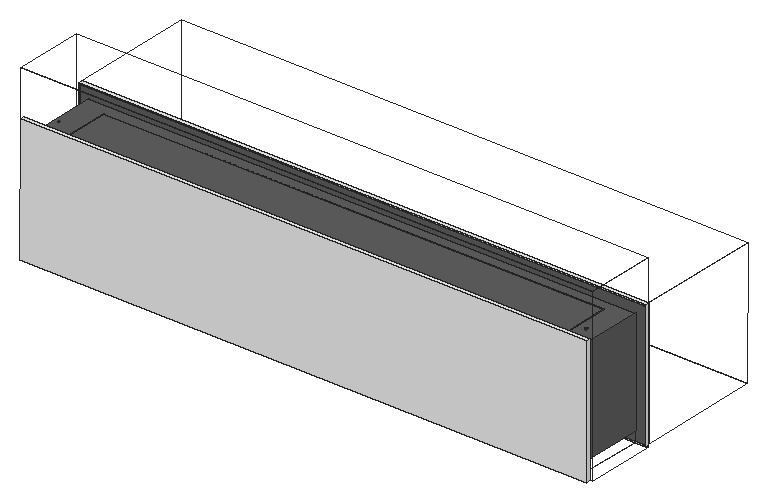
Revit family "AIRTECNICS_AIR CURTAIN_ZEN_DX-VRF_(MITSUBISHI ELECTRIC)123", category Mechanical Equipment, Revit 2016
Family settings
  Part Type = Normal
  Round Connector Dimension = Use Diameter
  OmniClass Number = 23.75.70.21.17
  OmniClass Title = Air Curtains
  Work Plane-Based = No
  Always vertical = Yes
  Cut with Voids When Loaded = No
  Shared = No
  Room Calculation Point = No
Parameters (values of type "ZEN ECG 2000 DX/VRF-ME")
  · POSITION · [instance] = "-/ Select Curtain Position /-"  # constant formula
  · PIPES POSITION · [instance] = "-/ Select Pipes Position /-"  # constant formula
  · OTHERS · [instance] = "-/ Select Supports - Inst.Maint. Space /-"  # constant formula
  · HEATING · [instance] = "-/ Select Heating /-"  # constant formula
  · EXTERNAL UNIT · [instance] = "-/ Select External Unit Type /-"  # constant formula
  · COIL ROWS · [instance] = "-/ Select DX Coil Rows /-"  # constant formula
  Weight [instance] = size_lookup(Name_Lookup_Data, "Weight", 1.00 kg, COD)  # 78.00 kg
  Voltage = 230 V  # constant formula
  URL_Manufacturer = "https://www.airtecnics.com/"
  URL_Datasheet = "https://www.airtecnics.com/download/file/5896/zen-dx-mitsubishi-electric-1-1-and-vrf.pdf"
  Triple Phase (External Ut.) [instance] = yes
  Supports Length [instance] = 0.0 mm
  Supports (Horizontal) [instance] = if(and(Horizontal, Supports Length > 0.0 mm), 1 = 1, 1 = 0)  # no
  Single Phase (External Ut.) [instance] = not([Triple Phase (External Ut.)])  # no
  Revit Version = "Revit 2016 - English"  # constant formula
  Review Date = "10/2018"  # constant formula
  Remote Control = "-"  # constant formula
  URL = "https://www.airtecnics.com/products/heat-pump-air-curtain-zen-dx-for-mitsubishi-electric"
  Refrigerant Pipes_P4 [instance] = no
  Refrigerant Pipes_P3 [instance] = no
  Refrigerant Pipes_P2 [instance] = if(or(Refrigerant Pipes_P1, Refrigerant Pipes_P3, Refrigerant Pipes_P4), 1 = 0, 1 = 1)  # yes
  Refrigerant Pipes_P1 [instance] = no
  REF [instance] = if(DX 1:1, 1, 0) + if(L = 1000.0 mm, 10, 0) + if(L = 1500.0 mm, 20, 0) + if(L = 2000.0 mm, 40, 0) + if(L = 2500.0 mm, 80, 0) + if([DX Coil Rows = 3], 100, 0) + if([Triple Phase (External Ut.)], 1000, 0)  # 1041
  Product Size = if(L = 1000.0 mm, "1000", if(L = 1500.0 mm, "1500", if(L = 2000.0 mm, "2000", "2500")))  # "2000"
  Product Reference [instance] = size_lookup(Name_Lookup_Ref, "", "Consult Manufacturer", COD)  # "ZEN ECG 2000 DX22-ME"
  Product Heating [instance] = if(DX 1:1, "Direct Expansion 1:1 system", "Direct Expansion VRF system")  # "Direct Expansion 1:1 system"
  Product Description [instance] = size_lookup(Name_Lookup_Data, "", "Consult Manufacturer", COD)  # "Decorative energy saving heat pump air curtain in contemporary architectural style: Up to 70% reduction in costs and CO2 emissions (heating mode).\r\nIts minimalist and smart design integrates in any environment and offers infinite options to customize.\r\nThe panels can include logos, lighting, signage, safety or information signs, graphics, pictures, clocks, all according to customer specifications.\r\nFront anodized aluminium panels. Optionally manufactured in brushed or mirror polished stainless steel. Other materials are possible, such as galvanized steel, smooth or texturated skinplate, wood, etc.\r\nCentral structure made of galvanized steel finished in black forge as standard. Other colours are available on request. \r\nAnodized aluminium outlet vanes, airfoil shaped, adjustable in both directions.\r\nDouble-inlet centrifugal fans driven by an external rotor motor and low noise level. 5-speed selector. EC models assembled with very low consumption efficiency fans. \r\nIncludes only heating direct expansion coil with installed temperature sensors.\r\nPlug&Play control panel CS-5DX-NE slave DX with 5 speeds selector and 7m telephone cable included.\r\nReady to connect to MITSUBISHI ELECTRIC Standard and Power Inverter outdoor heat pump unit (R410A) with expansion valve, not included, the customer should purchase it.\r\nRequires PAC-IF012B-E MITSUBISHI ELECTRIC DX Interface KIT adapted for air curtain and PAR-33MAA programmable control, please consult.\r\nAir Volume: 4380 m3/h \r\nFans:  0,426 kW  3,72 A 230Vx1 50/60Hz\r\nHeating capacity: 22,40 kW\r\nDimensions: 291x473x2120 mm (depth, height, length)\r\nNOT SUPPLIED BY AIRTÈCNICS:\r\nPAC-IF012B-E Interface DX kit and PAR-33MAA programmable control.\r\nExternal unit:\r\n PUHZ-ZRP200YKAExternal unit with direct expansion valve Mitsubishi Electric, triple phase motor 400Vx3 50Hz.\r\nHeating capacity 22,4kW. Heating power: 6,94kW. COP 3,23.\r\nCooling capacity 19kW. Cooling power 6,46kW. EER 2,94.\r\nCooling circuits 1\" - 3/8\".\r\nMaximum length 100m.\r\nDesnivell màxim 30m."
  Power Fans Factor [instance] = 0.5  # constant formula
  Power Fans [instance] = size_lookup(Name_Lookup_Data, "Power Fans", 1 kW, COD)  # 0.426 kW
  Noise Level (dB(A)) [instance] = size_lookup(Name_Lookup_Data, "Noise Level (dB(A))", 1, COD)  # 63
  Name_Lookup_Ref_EU = "ZEN_(DX ME)_Ref-EU_Lookup"  # constant formula
  Name_Lookup_Ref = "ZEN_(DX ME)_Ref_Lookup"  # constant formula
  Name_Lookup_Data = "ZEN_(DX ME)_Data_Lookup"  # constant formula
  Model = "Air Curtain ZEN DX/VRF ME"  # constant formula
  Material Panels [instance] = AIRTECNICS_Alumium Anodized
  Material Grille = AIRTECNICS_Perforated_Black Forge
  Material Curtain [instance] = AIRTECNICS_Black Forge
  Mainfolds [instance] = if(and(L = 2000.0 mm, Gas Coil Volume = 3.10 L), "1'' & 3/8''", if(and(L = 2000.0 mm, Gas Coil Volume = 4.10 L), "1'' & 3/8''", if(L = 2000.0 mm, "1'' & 1/2''", if(L = 2500.0 mm, "1'' & 1/2''", "5/8'' & 3/8''"))))  # "1'' & 3/8''"
  Length = if(L = 1000.0 mm, 1220.0 mm, if(L = 1500.0 mm, 1620.0 mm, if(L = 2000.0 mm, 2120.0 mm, 2620.0 mm)))  # 2120.0 mm
  Height = 473.0 mm  # constant formula
  Gas Coil Volume [instance] = size_lookup(Name_Lookup_Data, "Gas Coil Volume", 1000.00 L, COD)  # 4.10 L
  G = 1 = 1  # yes
  Frequency = 50 Hz  # constant formula
  Fans Stage = 5  # constant formula
  Family Version = "1.0"  # constant formula
  External Ut. Reference [instance] = size_lookup(Name_Lookup_Ref_EU, "", "Consult Manufacturer", REF)  # "PUHZ-ZRP200YKA"
  Expansion Valve [instance] = if(DX VRF, "Included on External Unit", "Included on DX Kit")  # "Included on DX Kit"
  EC = 1 = 1  # yes
  Dn_Metric_Refrig_Liquid [instance] = if(and(L = 2000 mm, Gas Coil Volume = 3.10 L), 10 mm, if(and(L = 2000 mm, Gas Coil Volume = 4.10 L), 10 mm, if(L = 2000 mm, 15 mm, if(L = 2500 mm, 15 mm, 10 mm))))  # 10 mm
  Dn_Metric_Refrig_Gas [instance] = if(or(L = 2500 mm, L = 2000 mm), 25 mm, 16 mm)  # 25 mm
  Depth = 291.0 mm  # constant formula
  DX VRF [instance] = no
  DX Kit [instance] = if(and(DX VRF, or(L = 2000.0 mm, L = 2500.0 mm)), "PAC-AH250M-J", if(DX VRF, "PAC-AH125M-J", "PAC-IF012B-E"))  # "PAC-IF012B-E"
  DX Controller [instance] = "PAR-33MAA"  # constant formula
  DX Coil Rows = 4 [instance] = yes
  DX Coil Rows = 3 [instance] = if([DX Coil Rows = 4], 1 = 0, 1 = 1)  # no
  DX 1:1 [instance] = not(DX VRF)  # yes
  Current Fans [instance] = size_lookup(Name_Lookup_Data, "Current Fans", 1 A, COD)  # 3.72 A
  Created by = "BIMETRICAL"  # constant formula
  Control [instance] = "CS-5DX-NE"  # constant formula
  Capacity_Frig_Liquid [instance] = 0.0 L/s
  Capacity_Frig_Gas [instance] = 0.0 L/s
  Cable = "CB7"  # constant formula
  COD [instance] = if(DX 1:1, 1, 0) + if(L = 1000.0 mm, 10, 0) + if(L = 1500.0 mm, 20, 0) + if(L = 2000.0 mm, 40, 0) + if(L = 2500.0 mm, 80, 0) + if([DX Coil Rows = 3], 100, 0)  # 41
  Aspiration/Maintenance Space [instance] = yes
  Apparent Load [instance] = size_lookup(Name_Lookup_Data, "Apparent Load", 1 VA, COD)  # 568 VA
  Airflow [instance] = size_lookup(Name_Lookup_Data, "Airflow", 1 m³/h, COD)  # 4380 m³/h
  A [instance] = if(Horizontal, 236.5 mm, 0.0 mm)  # 236.5 mm
  L = 2000.0 mm
  Type Image = <None>
  IfcExportType = "DXCOOLINGCOIL"  # constant formula
  IfcExportAs = "IfcCoilType"  # constant formula
  Horizontal [instance] = 1 = 1  # yes
  Manufacturer = "AIRTECNICS"  # constant formula
  Description = ""
  Type Comments = "Decorative air curtain in contemporary architectural style. Its minimalist and smart design integrates in any environment and offers infinite options to customize.\r\nThe panels can include logos, lighting, signage, safety or information signs, graphics, pictures, clocks, all according to customer specifications.\r\nFront anodized aluminium panels. Optionally manufactured in brushed or mirror polished stainless steel. Other materials are possible, such as galvanized steel, smooth or texturated skinplate, wood, etc.\r\nCentral structure made of galvanized steel finished in black forge as standard. Other colours are available on request.\r\nAnodized aluminium outlet vanes, airfoil shaped, adjustable in both directions.\r\nDouble-inlet centrifugal fans driven by an external rotor motor and low noise level. 5-speed selector. EC models assembled with very low consumption efficiency fans.\r\n“P” type with water heated coil. “E” type with electrical shielded elements, three stages with integrated regulation. “A” type without heating, air only. Optional expansion DX coil.\r\nIncludes Plug&Play control with 7m RJ45 cable and infrared remote control. Optional: Clever control (programmable, automatic, intelligent, energy saving, Modbus RTU for BMS…)"  # constant formula
  BIMETRICAL Category = "Coil"  # constant formula
  BIMETRICAL = "http://www.bimetrical.com"  # constant formula
  Angle [instance] = if(Horizontal, 0.00°, 90.00°)  # 0.00°
Reference planes
  plane 1 "Centro (Frontal/Posterior)": z = 0
  plane 2: y = 246.57
  plane 3 "Centro (Izquierda/Derecha)": x = 0
  plane 4 "Susp": z = 236.5
Lines and regions (mm)
  reference lines
    curve 1: line (0, 246.57, 236.5) -> (-145, 246.57, 236.5)
Dimensions and locks
  locked: plane 2 to nested 1 at 145.5
  "A": plane 4 "Susp" to plane 1 "Centro (Frontal/Posterior)"
  "Angle": angle plane 4 "Susp" to curve 1
  aligned and locked: plane 3 "Centro (Izquierda/Derecha)" to curve 1
  aligned and locked: plane 4 "Susp" to curve 1
Nested families
  nested 1: "GEOM_ZEN_(DX)" at (0, 246.57, 236.5) x (0, 0, -1) z (1, 0, 0), type "GEOM_ZEN_(P)"
    with M 2066.5 mm, J 1014.0 mm, G 1022.0 mm, Dn_Metric_Refrig_Liquid 10 mm, Dn_Metric_Refrig_Gas 25 mm, COD 424, L 2000.0 mm, I 2044.0 mm, F 1990.0 mm, E 2120.0 mm, A 2015.0 mm
Connectors
  electrical at (-1007.5, 215.07, 433), driven by "Apparent Load", driven by "Voltage", driven by "Power Fans Factor", driven by "Apparent Load"
    settings: on nested 1, index 3, voltage 230 V, apparent load 568 VA, apparent load phase1 568 VA, apparent load phase2 0 VA, apparent load phase3 0 VA, power factor 0.5, load classification "HVAC", number of poles 1, system type 30, power factor state 1, is connector primary yes, connector utility no, sub classification motor no, connector description ""
  piping at (967, 155.07, 433), diameter 25, driven by "Dn_Metric_Refrig_Gas", driven by "Capacity_Frig_Gas"
    settings: on nested 1, index 4, connector inside diameter 609.6 mm, connector length 0.0 mm, flow factor 0, pipe flow 0.0 L/s, pressure drop 0.0 Pa, fitting loss kfactor 0, connector angle 0.00°, fixture units 0, engagement length 0.0 mm, angle of deflection 0.00°, flow configuration 1, flow direction 1, fitting loss method 0, system type 7, joint type 0, gender type 0, connector reference index -1, connector utility 0, adjustable connector no, is connector primary yes, connector description "In"
  piping at (967, 215.07, 433), diameter 10, driven by "Dn_Metric_Refrig_Liquid", driven by "Capacity_Frig_Liquid"
    settings: on nested 1, index 5, connector inside diameter 609.6 mm, connector length 0.0 mm, flow factor 0, pipe flow 0.0 L/s, pressure drop 0.0 Pa, fitting loss kfactor 0, connector angle 0.00°, fixture units 0, engagement length 0.0 mm, angle of deflection 0.00°, flow configuration 1, flow direction 2, fitting loss method 0, system type 8, joint type 0, gender type 0, connector reference index -1, connector utility 0, adjustable connector no, is connector primary no, connector description "Out"
Definition of nested family "GEOM_ZEN_(DX)"
  Parameters (values of type "GEOM_ZEN_(DX)")
    des.D = if(or(and(Vertical Right, V1), Horizontal), 361.0 mm, 0.0 mm)  # 361.0 mm
    des.C = if(or(and(Vertical Right, V1), Horizontal), 0.0 mm, 392.0 mm)  # 0.0 mm
    des.B = if(or(and(Vertical Right, V1), Horizontal), 0.0 mm, 298.3 mm)  # 0.0 mm
    Z = if(Horizontal, 0.0 mm, if(L = 1000.0 mm, E / 2 + 18.0 mm, E / 2 + 20.0 mm))  # 830.0 mm
    Vsup1 = if(and(Vsup, Horizontal, L_Sup > 0.0 mm), 1 = 1, 1 = 0)  # no
    Vsup = no
    Vs2 = if(L > 2000.0 mm, 1 = 1, 1 = 0)  # no
    Vs1 = if(L > 1000.0 mm, 1 = 1, 1 = 0)  # yes
    Vinst2 = if(or(Vinst1, not([Aspiration/Maintenance Space])), 1 = 0, 1 = 1)  # yes
    Vinst1 = if(and([Aspiration/Maintenance Space], V2), 1 = 1, 1 = 0)  # no
    Vertical Right = yes
    Vertical Left = if(Vertical Right, 1 = 0, 1 = 1)  # no
    Vertical = if(and(not(Horizontal), or(Vertical Right, Vertical Left)), 1 = 1, 1 = 0)  # yes
    V2 = if(Horizontal, 1 = 0, if(or(Horizontal, Vertical Left), 1 = 1, 1 = 0))  # no
    V1 = if(Horizontal, 1 = 1, if(and(Vertical Right, Vertical), 1 = 1, 1 = 0))  # yes
    Revit Version = "Revit 2016 - English"  # constant formula
    Review Date = "10/18"  # constant formula
    Refrigerant Pipes_P4 = no
    Refrigerant Pipes_P3 = no
    Refrigerant Pipes_P2 = yes
    Refrigerant Pipes_P1 = no
    O = if(L = 1000.0 mm, 54.5 mm, 52.5 mm)  # 52.5 mm
    Model = "ZEN DX"  # constant formula
    Material Perforated = none
    Material Panels = none
    Material Curtain = none
    Family Version = "2.0"  # constant formula
    Manufacturer = "AIRTECNICS"  # constant formula
    M = if(L = 1000.0 mm, L + 162.5 mm, L + 66.5 mm)  # 1566.5 mm
    Lookup_Dimensions.C2_Name = "C2_Dimensions_Lookup"  # constant formula
    Lookup_Dimensions.C1_Name = "C1_Dimensions_Lookup"  # constant formula
    L_Sup = 0.0 mm
    K = if(L = 2500.0 mm, 833.0 mm, 0.0 mm)  # 0.0 mm
    J = if(L = 1500.0 mm, 764.0 mm, if(L = 2000.0 mm, 1014.0 mm, if(L = 2500.0 mm, 847.0 mm, 573.5 mm)))  # 764.0 mm
    H = des.A + 51.0 mm  # 428.5 mm
    G = if(Vertical, I + 58.0 mm, F / 2 + 27.0 mm)  # 1602.0 mm
    Dn_Metric_Refrig_Liquid = 20 mm
    Dn_Metric_Refrig_Gas = 20 mm
    Created by = "BIMETRICAL"  # constant formula
    COD = if(and(Vertical Right, Vertical), 1, 0) + if(and(Vertical Left, Vertical), 2, 0) + if(Horizontal, 4, 0) + if(Refrigerant Pipes_P1, 10, 0) + if(Refrigerant Pipes_P2, 20, 0) + if(Refrigerant Pipes_P3, 40, 0) + if(Refrigerant Pipes_P4, 80, 0) + if(L = 1000.0 mm, 100, 0) + if(L = 1500.0 mm, 200, 0) + if(L = 2000.0 mm, 400, 0) + if(L = 2500.0 mm, 800, 0)  # 221
    C2_D = size_lookup(Lookup_Dimensions.C2_Name, "C2_D", 98.0 mm, COD)  # 98.0 mm
    C2_C = size_lookup(Lookup_Dimensions.C2_Name, "C2_C", 34.5 mm, COD)  # 34.5 mm
    C2_B = size_lookup(Lookup_Dimensions.C2_Name, "C2_B", 34.5 mm, COD)  # 34.5 mm
    C2_A = size_lookup(Lookup_Dimensions.C2_Name, "C2_A", 55.0 mm, COD)  # 55.0 mm
    C1_D = size_lookup(Lookup_Dimensions.C1_Name, "C1_D", 38.0 mm, COD)  # 38.0 mm
    C1_C = size_lookup(Lookup_Dimensions.C1_Name, "C1_C", 34.5 mm, COD)  # 34.5 mm
    C1_B = size_lookup(Lookup_Dimensions.C1_Name, "C1_B", 34.5 mm, COD)  # 34.5 mm
    C1_A = size_lookup(Lookup_Dimensions.C1_Name, "C1_A", 55.0 mm, COD)  # 55.0 mm
    L = 1500.0 mm
    des.A = if(or(and(Vertical Right, V1), Horizontal), 377.5 mm, 0.0 mm)  # 377.5 mm
    I = if(L = 1000.0 mm, L + 140.0 mm, L + 44.0 mm)  # 1544.0 mm
    Horizontal = no
    F = I - 54.0 mm  # 1490.0 mm
    E = if(L = 1000.0 mm, L + 220.0 mm, L + 120.0 mm)  # 1620.0 mm
    Default Elevation = 1219.2 mm
    BIMETRICAL = "http://www.bimetrical.com/"  # constant formula
    Aspiration/Maintenance Space = yes
    A.Conn_S = if(or(and(Vertical Right, V1), Horizontal), 180.00°, 0.00°)  # 180.00°
    A.Conn_E = if(or(and(Vertical Right, V1), Horizontal), 180.00°, 0.00°)  # 180.00°
    A.Conn_2 = size_lookup(Lookup_Dimensions.C2_Name, "A.Conn_2", 0.00°, COD)  # 0.00°
    A.Conn_1 = size_lookup(Lookup_Dimensions.C1_Name, "A.Conn_1", 0.00°, COD)  # 0.00°
    A = if(L = 1000.0 mm, L + 115.0 mm, L + 15.0 mm)  # 1515.0 mm
  Types (2, lengths in mm): name | Z | Vertical Right | Vertical Left | Vertical | G | COD | Horizontal
    GEOM_ZEN_(DX) | 830.0 | yes | no | yes | 1602.0 | 221 | no
    GEOM_ZEN_(P) | 0.0 | no | yes | no | 772.0 | 224 | yes
  Reference planes
    plane 1 "Centro (Frontal/Posterior)": y = 0
    plane 2: z = 0
    plane 3 "Centro (Izquierda/Derecha)": x = 0
    plane 4: z = 830
    plane 5: y = -73.25
    plane 6: x = -196.5
    plane 7: z = 1547
    plane 8 "TUBERIA 1": y = -91.5
    plane 9: z = 1602
    plane 10 "TUBERIA 2": x = -162
    plane 11: x = -196.5
    plane 12: y = -129.5
    plane 13: x = 181
    plane 14: x = 196.495
    plane 15: x = -162
    plane 16: z = 1547
    plane 17: y = -31.5
    plane 18: z = 2639.027
    plane 19: z = 20
    plane 20: z = 1639
    plane 21: z = 838
    plane 22: z = 838
    plane 23: z = 72.5
    plane 24: y = -31.5
    plane 25: y = -91.5
  Forms (mm)
    Extrusion 1, solid
      sketch origin (0, 0, 0) x (1, 0, 0) y (0, 1, 0)
        loop
          line (-1219.2, 1219.2) -> (-1219.2, -1219.2) -> (1219.2, -1219.2) -> (1219.2, 1219.2) -> (-1219.2, 1219.2)
      from 0 to -304.8
    Extrusion 2, solid, material <- "Material Panels"
      sketch origin (0, 0, 889.252) x (0, -1, 0) y (1, 0, 0)
        loop
          line (-145.5, 236.5) -> (-145.5, -236.5) -> (-129.5, -236.5) -> (-129.5, 236.5) -> (-145.5, 236.5)
        loop
          line (145.5, 236.5) -> (129.5, 236.5) -> (129.5, -236.5) -> (145.5, -236.5) -> (145.5, 236.5)
      from -869.252 to 750.748
    Extrusion 3, solid, material <- "Material Curtain"
      sketch origin (0, 0, 889.252) x (0, -1, 0) y (0, 0, 1)
        loop
          line (-129.5, 712.748) -> (-129.5, -831.252) -> (129.5, -831.252) -> (129.5, 712.748) -> (-129.5, 712.748)
      from -196.5 to 196.5
    Extrusion 4, void, detail levels medium+fine
      sketch origin (-64.7, -73.5, 0) x (1, 0, 0) y (0, 1, 0)
        loop
          line (261.195, -34.75) -> (261.195, 35.25) -> (245.7, 35.25) -> (245.7, -34.75) -> (261.195, -34.75)
      from 85 to 1575
    Extrusion 5, solid, visible <- "V1", detail levels medium+fine
      sketch origin (0, 0, 1310) x (0, -1, 0) y (-1, 0, 0)
        loop
          line (58.464, -173.27) -> (61.756, -192)
          arc (61.756, -192) -> (63.451, -193.452) -> (65.121, -191.97) r 1.698
          line (65.121, -191.97) -> (68.095, -172.627)
          arc (68.095, -172.627) -> (62.951, -168.018) -> (58.464, -173.27) r 4.828
        loop
          line (78.553, -172.822) -> (81.504, -192.726)
          arc (81.504, -192.726) -> (83.138, -193.439) -> (84.08, -191.926) r 1.363
          line (84.08, -191.926) -> (87.529, -172.626)
          arc (87.529, -172.626) -> (82.938, -168.001) -> (78.553, -172.822) r 4.495
      from -265 to 1225
    Extrusion 6, solid, visible <- "V2", detail levels medium+fine
      sketch origin (0, 0, 1310) x (0, 1, 0) y (1, 0, 0)
        loop
          arc (-58.774, -173.603) -> (-59.776, -170.312) -> (-62.811, -168.693) r 4.495
          line (-62.811, -168.693) -> (-63.684, -168.693)
          arc (-63.684, -168.693) -> (-66.482, -170.045) -> (-67.734, -172.889) r 4.495
          line (-67.734, -172.889) -> (-64.759, -192.231)
          arc (-64.759, -192.231) -> (-63.451, -193.452) -> (-62.062, -192.325) r 1.363
          line (-62.062, -192.325) -> (-58.774, -173.603)
        loop
          arc (-84.395, -192.262) -> (-83.058, -193.451) -> (-81.696, -192.291) r 1.363
          line (-81.696, -192.291) -> (-78.88, -173.603)
          arc (-78.88, -173.603) -> (-79.882, -170.312) -> (-82.917, -168.693) r 4.495
          line (-82.917, -168.693) -> (-83.79, -168.693)
          arc (-83.79, -168.693) -> (-86.614, -170.073) -> (-87.844, -172.966) r 4.495
          line (-87.844, -172.966) -> (-84.395, -192.262)
      from -265 to 1225
    Extrusion 7, solid, material <- "Material Curtain", visible <- "Vertical"
      sketch origin (-779.074, -4572, 1549) x (-1, 0, 0) y (0, -1, 0)
        loop
          line (-586.574, -4698.5) -> (-586.574, -4445.5) -> (-971.574, -4445.5) -> (-971.574, -4698.5) -> (-586.574, -4698.5)
      from -1491 to -1549
    Extrusion 8, void
      sketch origin (0, 0, 0) x (1, 0, 0) y (0, 1, 0)
        loop
          line (-235.5, -129.5) -> (-235.5, -130.5) -> (235.5, -130.5) -> (235.5, -129.5) -> (-235.5, -129.5)
        loop
          line (-235.5, 129.5) -> (235.5, 129.5) -> (235.5, 130.5) -> (-235.5, 130.5) -> (-235.5, 129.5)
      from 21.044 to 1639.012
    Extrusion 9, void, detail levels medium+fine
      sketch origin (0, -0.321, 0) x (0, 1, 0) y (0, 0, 1)
        loop
          line (-102.318, 1514.4) -> (-102.318, 145.6) -> (90.521, 145.6) -> (90.521, 1514.4) -> (-102.318, 1514.4)
      from -101.8 to -196.5
    Extrusion 10, solid, material <- "Material Perforated"
      sketch origin (-60, 0, 0) x (0, 1, 0) y (0, 0, 1)
        loop
          line (-102.639, 1514.4) -> (-102.639, 145.6) -> (90.2, 145.6) -> (90.2, 1514.4) -> (-102.639, 1514.4)
      from -136.5 to -135.5
    Extrusion 11, solid, detail levels medium+fine
      sketch origin (-64.7, -73.5, 1575) x (0, 1, 0) y (1, 0, 0)
        loop
          line (16.25, 261.2) -> (-15.75, 261.2) -> (-15.75, 229.2) -> (16.25, 229.2) -> (16.25, 261.2)
      from 0 to 3
    Extrusion 12, solid, detail levels medium+fine
      sketch origin (-64.7, -73.5, 85) x (1, 0, 0) y (0, 1, 0)
        loop
          line (229.2, 16.25) -> (229.2, -15.75) -> (261.2, -15.75) -> (261.2, 16.25) -> (229.2, 16.25)
      from 0 to 3
    Extrusion 13, solid, visible <- "Vs1", detail levels medium+fine
      sketch origin (0, -702.852, 838) x (0, -1, 0) y (1, 0, 0)
        loop
          line (-645.602, 164.5) -> (-613.602, 164.5) -> (-613.602, 196.5) -> (-645.602, 196.5) -> (-645.602, 164.5)
      from 0 to -3
    Extrusion 14, solid, material <- "Material Curtain", visible <- "Vs1", detail levels medium+fine
      sketch origin (0, -702.852, 835) x (1, 0, 0) y (0, -1, 0)
        loop
          line (196.5, -664.602) -> (196.5, -594.602) -> (164.5, -594.602) -> (164.5, -664.602) -> (196.5, -664.602)
      from 0 to 10
    Extrusion 15, solid, visible <- "Vs1", detail levels medium+fine
      sketch origin (0, -702.852, 825) x (0, 1, 0) y (1, 0, 0)
        loop
          line (645.602, 164.5) -> (645.602, 196.5) -> (613.602, 196.5) -> (613.602, 164.5) -> (645.602, 164.5)
      from 0 to 3
    Extrusion 16, solid, visible <- "Vs2", detail levels medium+fine
      sketch origin (0, -702.852, 838) x (0, -1, 0) y (1, 0, 0)
        loop
          line (-645.602, 164.5) -> (-613.602, 164.5) -> (-613.602, 196.5) -> (-645.602, 196.5) -> (-645.602, 164.5)
      from 0 to -3
    Extrusion 17, solid, material <- "Material Curtain", visible <- "Vs2", detail levels medium+fine
      sketch origin (0, -702.852, 835) x (1, 0, 0) y (0, -1, 0)
        loop
          line (164.5, -664.602) -> (196.5, -664.602) -> (196.5, -594.602) -> (164.5, -594.602) -> (164.5, -664.602)
      from 0 to 10
    Extrusion 18, solid, visible <- "Vs2", detail levels medium+fine
      sketch origin (0, -702.852, 825) x (0, 1, 0) y (1, 0, 0)
        loop
          line (645.602, 164.5) -> (645.602, 196.5) -> (613.602, 196.5) -> (613.602, 164.5) -> (645.602, 164.5)
      from 0 to 3
    Extrusion 19, solid, material <- "Material Curtain"
      sketch origin (-196.5, -31.5, 72.5) x (0, 0, 1) y (0, 1, 0)
        loop
          line (2.5, -2.5) -> (2.5, 2.5) -> (-2.5, 2.5) -> (-2.5, -2.5) -> (2.5, -2.5)
      from 0 to -1
    Extrusion 20, solid, visible <- "Vsup1"
      sketch origin (-196.5, -101, 1255.5) x (0, 0, 1) y (0, 1, 0)
        loop
          circle (332, 202) r 4
        loop
          circle (332, 0) r 4
        loop
          circle (-1183, 0) r 4
        loop
          circle (-1183, 202) r 4
      from -1 to 0
    Extrusion 21, solid, visible <- "Vinst2"
      sketch origin (0, -31.5, 92.379) x (0, 0, 1) y (1, 0, 0)
        loop
          line (1509.621, 236.5) -> (1509.621, -196.5) -> (-34.379, -196.5) -> (-34.379, 236.5) -> (-82.379, 236.5) -> (-82.379, -398.063) -> (1557.621, -398.063) -> (1557.621, 236.5) -> (1509.621, 236.5)
      from -98 to 161
    Extrusion 22, solid, visible <- "Vinst1"
      sketch origin (0, -31.5, 92.379) x (0, 0, 1) y (1, 0, 0)
        loop
          line (1509.621, -236.5) -> (1557.621, -236.5) -> (1557.621, 398.063) -> (-82.379, 398.063) -> (-82.379, -236.5) -> (-34.379, -236.5) -> (-34.379, 196.5) -> (1509.621, 196.5) -> (1509.621, -236.5)
      from -98 to 161
    Extrusion 23, solid, visible <- "Aspiration/Maintenance Space"
      sketch origin (0, 0, 1640) x (0, -1, 0) y (1, 0, 0)
        loop
          line (-129.5, 236.5) -> (-609.5, 236.5) -> (-609.5, -236.5) -> (-129.5, -236.5) -> (-129.5, 236.5)
      from 0 to -1620
    Extrusion 24, solid, material <- "Material Curtain"
      sketch origin (-196.5, -31.5, 1547) x (0, 1, 0) y (0, 0, -1)
        loop
          circle (0, 0) r 10
      from 0 to -1
    Extrusion 25, solid, material <- "Material Curtain"
      sketch origin (-196.5, -91.5, 1547) x (0, 1, 0) y (0, 0, -1)
        loop
          circle (0, 0) r 10
      from 0 to -1
    Extrusion 26, solid, material <- "Material Curtain"
      sketch origin (0, 0, 1639.012) x (0, 1, 0) y (1, 0, 0)
        loop
          line (130.5, 235.5) -> (129.5, 235.5) -> (129.5, -235.5) -> (130.5, -235.5) -> (130.5, 235.5)
        loop
          line (-129.5, 235.5) -> (-130.5, 235.5) -> (-130.5, -235.5) -> (-129.5, -235.5) -> (-129.5, 235.5)
      from 0 to 1617.967
  Cuts and joins
    Extrusion 4, Extrusion 8 cuts Extrusion 2
    Extrusion 4, Extrusion 9 cuts Extrusion 3
  Lines and regions (mm)
    reference lines
      curve 1: line (-162, -31.5, 1547) -> (-196.5, -31.5, 1547)
      curve 2: line (-196.5, -31.5, 72.5) -> (0, -31.5, 72.5)
      curve 3: line (-196.5, -101, 1255.5) -> (0, -101, 1255.5)
      curve 83: line (-162, -91.5, 1547) -> (-196.5, -91.5, 1547)
    symbolic lines
      curve 4: line (-236.5, 145.5, 1255.5) -> (236.5, 145.5, 1255.5)
      curve 5: line (-236.5, 129.5, 1255.5) -> (-236.5, 145.5, 1255.5)
      curve 6: line (236.5, 129.5, 1255.5) -> (-236.5, 129.5, 1255.5)
      curve 7: line (236.5, 145.5, 1255.5) -> (236.5, 129.5, 1255.5)
      curve 8: line (-196.5, 129.5, 1255.5) -> (196.5, 129.5, 1255.5)
      curve 9: line (-196.5, -129.5, 1255.5) -> (-196.5, 129.5, 1255.5)
      curve 10: line (196.5, -129.5, 1255.5) -> (-196.5, -129.5, 1255.5)
      curve 11: line (196.5, 129.5, 1255.5) -> (196.5, -129.5, 1255.5)
      curve 12: line (-236.5, -145.5, 1255.5) -> (236.5, -145.5, 1255.5)
      curve 13: line (-236.5, -129.5, 1255.5) -> (-236.5, -145.5, 1255.5)
      curve 14: line (236.5, -129.5, 1255.5) -> (-236.5, -129.5, 1255.5)
      curve 15: line (236.5, -145.5, 1255.5) -> (236.5, -129.5, 1255.5)
      curve 16: line (0, 145.5, 1640) -> (0, 129.5, 1640)
      curve 17: line (0, 145.5, 20) -> (0, 145.5, 1640)
      curve 18: line (0, 129.5, 20) -> (0, 145.5, 20)
      curve 19: line (0, 129.5, 1640) -> (0, 129.5, 20)
      curve 20: line (0, -145.5, 1640) -> (0, -129.5, 1640)
      curve 21: line (0, -145.5, 20) -> (0, -145.5, 1640)
      curve 22: line (0, -129.5, 20) -> (0, -145.5, 20)
      curve 23: line (0, -129.5, 1640) -> (0, -129.5, 20)
      curve 24: line (0, -129.5, 1602) -> (0, 129.5, 1602)
      curve 25: line (0, -129.5, 58) -> (0, -129.5, 1602)
      curve 26: line (0, 129.5, 58) -> (0, -129.5, 58)
      curve 27: line (0, 129.5, 1602) -> (0, 129.5, 58)
      curve 70: line (0, -58.444, 1575) -> (0, -68.095, 1575)
      curve 71: line (0, -58.444, 85) -> (0, -58.444, 1575)
      curve 72: line (0, -68.095, 85) -> (0, -58.444, 85)
      curve 73: line (0, -68.095, 1575) -> (0, -68.095, 85)
      curve 74: line (0, -78.541, 1575) -> (0, -87.838, 1575)
      curve 75: line (0, -78.541, 85) -> (0, -78.541, 1575)
      curve 76: line (0, -87.838, 85) -> (0, -78.541, 85)
      curve 77: line (0, -87.838, 1575) -> (0, -87.838, 85)
    symbolic lines, visible <- "Vertical"
      curve 28: line (0, 126.5, 0) -> (0, -126.5, 0)
      curve 29: line (0, 126.5, 58) -> (0, 126.5, 0)
      curve 30: line (0, -126.5, 58) -> (0, 126.5, 58)
      curve 31: line (0, -126.5, 0) -> (0, -126.5, 58)
    symbolic lines, visible <- "Aspiration/Maintenance Space"
      curve 32: line (-236.5, 129.5, 1255.5) -> (236.5, 129.5, 1255.5)
      curve 33: line (-236.5, 609.5, 1255.5) -> (-236.5, 129.5, 1255.5)
      curve 34: line (236.5, 609.5, 1255.5) -> (-236.5, 609.5, 1255.5)
      curve 35: line (236.5, 129.5, 1255.5) -> (236.5, 609.5, 1255.5)
      curve 44: line (0, 129.5, 1640) -> (0, 609.5, 1640)
      curve 45: line (0, 129.5, 20) -> (0, 129.5, 1640)
      curve 46: line (0, 609.5, 20) -> (0, 129.5, 20)
      curve 47: line (0, 609.5, 1640) -> (0, 609.5, 20)
    symbolic lines, visible <- "Vinst1"
      curve 36: line (196.5, 129.5, 1255.5) -> (398.063, 129.5, 1255.5)
      curve 37: line (196.5, -129.5, 1255.5) -> (196.5, 129.5, 1255.5)
      curve 38: line (398.063, -129.5, 1255.5) -> (196.5, -129.5, 1255.5)
      curve 39: line (398.063, 129.5, 1255.5) -> (398.063, -129.5, 1255.5)
      curve 48: line (-236.5, -31.5, 1650) -> (398.063, -31.5, 1650)
      curve 49: line (398.063, -31.5, 1650) -> (398.063, -31.5, 10)
      curve 50: line (398.063, -31.5, 10) -> (-236.5, -31.5, 10)
      curve 84: line (-236.5, -91.5, 1640) -> (-236.5, -91.5, 1650)
      curve 85: line (-236.5, -91.5, 10) -> (-236.5, -91.5, 20)
    symbolic lines, visible <- "Vinst2"
      curve 40: line (-398.063, 129.5, 1255.5) -> (-196.5, 129.5, 1255.5)
      curve 41: line (-398.063, -129.5, 1255.5) -> (-398.063, 129.5, 1255.5)
      curve 42: line (-196.5, -129.5, 1255.5) -> (-398.063, -129.5, 1255.5)
      curve 43: line (-196.5, 129.5, 1255.5) -> (-196.5, -129.5, 1255.5)
      curve 51: line (236.5, -31.5, 10) -> (-398.063, -31.5, 10)
      curve 52: line (-398.063, -31.5, 10) -> (-398.063, -31.5, 1650)
      curve 53: line (-398.063, -31.5, 1650) -> (236.5, -31.5, 1650)
      curve 78: line (236.5, -31.5, 10) -> (236.5, -31.5, 20)
      curve 86: line (236.5, -91.5, 2650) -> (236.5, -91.5, 2642)
      curve 87: line (236.5, -91.5, 1640) -> (236.5, -91.5, 1650)
    symbolic lines, visible <- "V2"
      curve 54: arc (-173.603, -58.774, 1255.5) -> (-168.686, -62.891, 1255.5) -> (-172.889, -67.734, 1255.5) r 4.495
      curve 55: arc (-192.231, -64.759, 1255.5) -> (-193.452, -63.451, 1255.5) -> (-192.325, -62.062, 1255.5) r 1.363
      curve 56: arc (-173.494, -78.864, 1255.5) -> (-168.679, -83.098, 1255.5) -> (-172.998, -87.838, 1255.5) r 4.495
      curve 57: arc (-192.262, -84.395, 1255.5) -> (-193.451, -83.058, 1255.5) -> (-192.291, -81.696, 1255.5) r 1.363
      curve 58: line (-172.889, -67.734, 1255.5) -> (-192.231, -64.759, 1255.5)
      curve 59: line (-192.325, -62.062, 1255.5) -> (-173.603, -58.774, 1255.5)
      curve 60: line (-172.998, -87.838, 1255.5) -> (-192.262, -84.395, 1255.5)
      curve 61: line (-192.291, -81.696, 1255.5) -> (-173.494, -78.864, 1255.5)
    symbolic lines, visible <- "V1"
      curve 62: arc (173.27, -58.464, 1255.5) -> (168.018, -62.951, 1255.5) -> (172.627, -68.095, 1255.5) r 4.828
      curve 63: arc (191.97, -65.121, 1255.5) -> (193.452, -63.451, 1255.5) -> (192, -61.756, 1255.5) r 1.698
      curve 64: arc (172.822, -78.553, 1255.5) -> (168.001, -82.938, 1255.5) -> (172.626, -87.529, 1255.5) r 4.495
      curve 65: arc (191.926, -84.08, 1255.5) -> (193.439, -83.138, 1255.5) -> (192.726, -81.504, 1255.5) r 1.363
      curve 66: line (172.627, -68.095, 1255.5) -> (191.97, -65.121, 1255.5)
      curve 67: line (192, -61.756, 1255.5) -> (173.27, -58.464, 1255.5)
      curve 68: line (172.626, -87.529, 1255.5) -> (191.926, -84.08, 1255.5)
      curve 69: line (192.726, -81.504, 1255.5) -> (172.822, -78.553, 1255.5)
    symbolic lines, visible <- "Vsup1"
      curve 79: circle (0, 101, 1587.5) r 4 normal (1, 0, 0)
      curve 80: circle (0, -101, 1587.5) r 4 normal (1, 0, 0)
      curve 81: circle (0, 101, 72.5) r 4 normal (1, 0, 0)
      curve 82: circle (0, -101, 72.5) r 4 normal (1, 0, 0)
  Dimensions and locks
    Extrusion 2 sketch curve to Extrusion 2 sketch curve = 473.0 mm  (x2)
    Extrusion 3 sketch curve to Extrusion 3 sketch curve = 1544.0 mm
    locked: Extrusion 3 to Extrusion 3 at 393
    "E": Extrusion 2 to Extrusion 2
    equal spacing: Extrusion 2, plane 4, Extrusion 2
    equal spacing: Extrusion 3, plane 4, Extrusion 3
    "I": Extrusion 3 to Extrusion 3
    locked: Extrusion 2 to Extrusion 2 at 473
    locked: Extrusion 2 to Extrusion 2 at 16  (x2)
    locked: Extrusion 2 to Extrusion 2 at 291
    "Z": plane 4 to level
    equal spacing: Extrusion 2, plane 3 "Centro (Izquierda/Derecha)", Extrusion 2
    equal spacing: Extrusion 3, plane 3 "Centro (Izquierda/Derecha)", Extrusion 3
    equal spacing: Extrusion 2, plane 1 "Centro (Frontal/Posterior)", Extrusion 2
    locked: plane 1 "Centro (Frontal/Posterior)" to plane 5 at 73.25
    equal spacing: Extrusion 6, plane 4, Extrusion 6
    "F": Extrusion 6 to Extrusion 6
    "C1_A": plane 9 to plane 7
    locked: plane 3 "Centro (Izquierda/Derecha)" to plane 11 at 196.5
    "C1_B": plane 11 to plane 10 "TUBERIA 2"
    locked: plane 1 "Centro (Frontal/Posterior)" to plane 12 at 129.5
    "G": plane 9 to level
    locked: plane 13 to plane 14 at 15.495
    locked: Extrusion 4 sketch curve to Extrusion 4 sketch curve at 70
    equal spacing: Extrusion 4 sketch curve, plane 5, Extrusion 4 sketch curve
    locked: Extrusion 7 to Extrusion 7 at 58
    locked: plane 11 to Extrusion 5 sketch curve at 364.507
    locked: plane 11 to Extrusion 5 sketch curve at 364.5
    locked: plane 11 to Extrusion 5 sketch curve at 389.952
    locked: plane 11 to Extrusion 5 sketch curve at 390
    "C2_B": plane 11 to plane 15
    "C2_A": plane 9 to plane 16
    "C2_D": plane 17 to plane 12
    "C2_C": curve 1 to curve 1
    locked: cut or joined group of Extrusion 2, Extrusion 4, Extrusion 8 to Extrusion 8 sketch curve at 1
    locked: Extrusion 8 sketch curve to cut or joined group of Extrusion 2, Extrusion 4, Extrusion 8 at 1
    plane 18 to cut or joined group of Extrusion 2, Extrusion 4, Extrusion 8 = 999.027 mm
    equal spacing: Extrusion 7, plane 1 "Centro (Frontal/Posterior)", Extrusion 7
    locked: Extrusion 7 to Extrusion 7 at 253
    equal spacing: Extrusion 7, plane 3 "Centro (Izquierda/Derecha)", Extrusion 7
    locked: Extrusion 7 to Extrusion 7 at 385
    locked: Extrusion 9 sketch curve to plane 9 at 87.6
    locked: Extrusion 9 sketch curve to cut or joined group of Extrusion 3, Extrusion 4, Extrusion 9 at 87.6
    locked: Extrusion 9 to Extrusion 9 at 94.7
    "des.B": plane 11 to Extrusion 9
    locked: Extrusion 10 to Extrusion 10 at 1
    "des.C": plane 11 to Extrusion 10
    locked: plane 9 to plane 20 at 37
    locked: cut or joined group of Extrusion 3, Extrusion 4, Extrusion 9 to plane 1 "Centro (Frontal/Posterior)" at 90.2
    locked: cut or joined group of Extrusion 3, Extrusion 4, Extrusion 9 to plane 1 "Centro (Frontal/Posterior)" at 102.639
    locked: Extrusion 11 sketch curve to Extrusion 11 sketch curve at 32  (x2)
    locked: Extrusion 11 sketch curve to plane 5 at 16
    locked: Extrusion 11 to cut or joined group of Extrusion 3, Extrusion 4, Extrusion 9 at 3
    locked: Extrusion 12 sketch curve to Extrusion 12 sketch curve at 32  (x2)
    locked: plane 5 to Extrusion 12 sketch curve at 16
    locked: cut or joined group of Extrusion 3, Extrusion 4, Extrusion 9 to Extrusion 12 at 3
    "des.D": cut or joined group of Extrusion 3, Extrusion 4, Extrusion 9 to Extrusion 11 sketch curve
    "des.D": plane 11 to Extrusion 12 sketch curve
    plane 9 to plane 4 to cut or joined group of Extrusion 3, Extrusion 4, Extrusion 9 = 772.0 mm, 772.0 mm
    "J": plane 9 to plane 21
    locked: Extrusion 13 sketch curve to Extrusion 13 sketch curve at 32  (x2)
    locked: plane 5 to Extrusion 13 sketch curve at 16
    locked: Extrusion 13 to plane 21 at 3
    "des.D": plane 11 to Extrusion 13 sketch curve
    locked: Extrusion 14 sketch curve to Extrusion 14 sketch curve at 32
    locked: Extrusion 14 sketch curve to plane 5 at 35
    locked: Extrusion 14 sketch curve to Extrusion 14 sketch curve at 70
    locked: Extrusion 14 to Extrusion 14 at 10
    locked: Extrusion 15 sketch curve to Extrusion 15 sketch curve at 32  (x2)
    locked: Extrusion 15 sketch curve to plane 5 at 16
    locked: Extrusion 15 to Extrusion 14 at 3
    locked: Extrusion 16 sketch curve to Extrusion 16 sketch curve at 32  (x2)
    locked: plane 5 to Extrusion 16 sketch curve at 16
    "des.D": plane 11 to Extrusion 16 sketch curve
    locked: Extrusion 16 to plane 22 at 3
    locked: Extrusion 17 sketch curve to Extrusion 17 sketch curve at 32
    locked: plane 5 to Extrusion 17 sketch curve at 35
    locked: Extrusion 17 sketch curve to Extrusion 17 sketch curve at 70
    locked: Extrusion 17 to Extrusion 17 at 10
    locked: Extrusion 18 to Extrusion 18 at 3
    "K": plane 21 to plane 22
    locked: plane 24 to cut or joined group of Extrusion 2, Extrusion 4, Extrusion 8 at 177
    locked: curve 2 to curve 2 at 196.5
    "M": plane 23 to plane 20
    "L_Sup": Extrusion 20 to cut or joined group of Extrusion 3, Extrusion 4, Extrusion 9
    cut or joined group of Extrusion 2, Extrusion 4, Extrusion 8 to Extrusion 20 sketch curve = 44.5 mm
    locked: Extrusion 20 sketch curve to cut or joined group of Extrusion 2, Extrusion 4, Extrusion 8 at 44.5  (x2)
    locked: cut or joined group of Extrusion 2, Extrusion 4, Extrusion 8 to Extrusion 20 sketch curve at 44.5
    locked: Extrusion 21 sketch curve to Extrusion 21 sketch curve at 48  (x2)
    locked: Extrusion 21 sketch curve to Extrusion 21 sketch curve at 634.563  (x2)
    locked: Extrusion 21 sketch curve to Extrusion 21 sketch curve at 201.563
    locked: Extrusion 22 sketch curve to Extrusion 22 sketch curve at 48  (x2)
    locked: Extrusion 22 sketch curve to Extrusion 22 sketch curve at 634.563  (x2)
    locked: Extrusion 22 sketch curve to Extrusion 22 sketch curve at 201.563
    locked: Extrusion 23 sketch curve to Extrusion 23 sketch curve at 480
    locked: plane 11 to curve 54 at 23.333
    locked: plane 11 to curve 56 at 23.333
    "C1_D": plane 25 to plane 12
    "des.A": plane 11 to plane 13
    plane 11 to Extrusion 6 sketch curve to Extrusion 6 sketch curve = 27.807 mm locked, 0.0 mm locked
    "C1_C": curve 83 to curve 83
    "O": cut or joined group of Extrusion 2, Extrusion 4, Extrusion 8 to Extrusion 20 sketch curve  (x4)
    locked: cut or joined group of Extrusion 2, Extrusion 4, Extrusion 8 to cut or joined group of Extrusion 2, Extrusion 4, Extrusion 8 at 1.044
    locked: cut or joined group of Extrusion 2, Extrusion 4, Extrusion 8 to cut or joined group of Extrusion 2, Extrusion 4, Extrusion 8 at 0.988
    "Dn_Metric_Refrig_Gas": diameter of Extrusion 25 sketch curve
    "Dn_Metric_Refrig_Liquid": diameter of Extrusion 24 sketch curve
    "A.Conn_2": angle plane 16 to curve 1
    "A.Conn_E": angle curve 2 to plane 24
    "A.Conn_1": angle plane 16 to curve 83
    aligned and locked: plane 2 to Extrusion 1
    aligned and locked: level to Extrusion 1
    aligned and locked: Extrusion 3 to Extrusion 2  (x2)
    aligned and locked: Extrusion 2 to Extrusion 2  (x2)
    aligned and locked: plane 14 to Extrusion 4 sketch curve  (x2)
    aligned and locked: cut or joined group of Extrusion 3, Extrusion 4, Extrusion 9 to Extrusion 6
    aligned and locked: cut or joined group of Extrusion 3, Extrusion 4, Extrusion 9 to Extrusion 5
    aligned and locked: Extrusion 6 to cut or joined group of Extrusion 3, Extrusion 4, Extrusion 9
    aligned and locked: Extrusion 5 to cut or joined group of Extrusion 3, Extrusion 4, Extrusion 9
    aligned and locked: plane 16 to curve 1
    aligned and locked: plane 15 to curve 1
    aligned and locked: cut or joined group of Extrusion 3, Extrusion 4, Extrusion 9 to Extrusion 10  (x3)
    aligned and locked: Extrusion 10 to cut or joined group of Extrusion 3, Extrusion 4, Extrusion 9
    aligned and locked: Extrusion 18 sketch curve to Extrusion 12  (x4)
    aligned and locked: plane 3 "Centro (Izquierda/Derecha)" to curve 2
    aligned and locked: plane 24 to curve 2
    aligned and locked: plane 3 "Centro (Izquierda/Derecha)" to curve 3
    aligned and locked: curve 4 to cut or joined group of Extrusion 2, Extrusion 4, Extrusion 8
    aligned and locked: curve 5 to cut or joined group of Extrusion 2, Extrusion 4, Extrusion 8
    aligned and locked: curve 6 to cut or joined group of Extrusion 2, Extrusion 4, Extrusion 8
    aligned and locked: curve 7 to cut or joined group of Extrusion 2, Extrusion 4, Extrusion 8
    aligned and locked: curve 8 to curve 6
    aligned and locked: curve 9 to cut or joined group of Extrusion 3, Extrusion 4, Extrusion 9
    aligned and locked: curve 10 to cut or joined group of Extrusion 3, Extrusion 4, Extrusion 9
    aligned and locked: curve 11 to cut or joined group of Extrusion 3, Extrusion 4, Extrusion 9
    aligned and locked: curve 12 to cut or joined group of Extrusion 2, Extrusion 4, Extrusion 8
    aligned and locked: curve 13 to cut or joined group of Extrusion 2, Extrusion 4, Extrusion 8
    aligned and locked: curve 14 to cut or joined group of Extrusion 2, Extrusion 4, Extrusion 8
    aligned and locked: curve 15 to cut or joined group of Extrusion 2, Extrusion 4, Extrusion 8
    aligned and locked: curve 16 to cut or joined group of Extrusion 2, Extrusion 4, Extrusion 8
    aligned and locked: curve 17 to cut or joined group of Extrusion 2, Extrusion 4, Extrusion 8
    aligned and locked: cut or joined group of Extrusion 2, Extrusion 4, Extrusion 8 to curve 18
    aligned and locked: curve 19 to cut or joined group of Extrusion 2, Extrusion 4, Extrusion 8
    aligned and locked: curve 20 to cut or joined group of Extrusion 2, Extrusion 4, Extrusion 8
    aligned and locked: curve 21 to cut or joined group of Extrusion 2, Extrusion 4, Extrusion 8
    aligned and locked: curve 22 to cut or joined group of Extrusion 2, Extrusion 4, Extrusion 8
    aligned and locked: curve 23 to cut or joined group of Extrusion 2, Extrusion 4, Extrusion 8
    aligned and locked: curve 24 to cut or joined group of Extrusion 3, Extrusion 4, Extrusion 9
    aligned and locked: curve 25 to curve 23
    aligned and locked: curve 26 to cut or joined group of Extrusion 3, Extrusion 4, Extrusion 9
    aligned and locked: curve 19 to curve 27
    aligned and locked: curve 28 to Extrusion 7
    aligned and locked: curve 29 to Extrusion 7
    aligned and locked: curve 30 to curve 26
    aligned and locked: curve 31 to Extrusion 7
    aligned and locked: Extrusion 21 sketch curve to plane 9
    aligned and locked: Extrusion 21 sketch curve to cut or joined group of Extrusion 3, Extrusion 4, Extrusion 9
    aligned and locked: Extrusion 21 to cut or joined group of Extrusion 2, Extrusion 4, Extrusion 8  (x2)
    aligned and locked: Extrusion 22 sketch curve to cut or joined group of Extrusion 3, Extrusion 4, Extrusion 9
    aligned and locked: Extrusion 22 to cut or joined group of Extrusion 2, Extrusion 4, Extrusion 8
    aligned and locked: Extrusion 23 to cut or joined group of Extrusion 2, Extrusion 4, Extrusion 8
    aligned and locked: curve 32 to curve 6
    aligned and locked: curve 35 to Extrusion 23
    aligned and locked: curve 33 to Extrusion 23
    aligned and locked: curve 8 to curve 36
    aligned and locked: curve 37 to curve 11
    aligned and locked: curve 38 to Extrusion 22
    aligned and locked: curve 39 to Extrusion 22
    aligned and locked: curve 41 to Extrusion 21
    aligned and locked: curve 10 to curve 42
    aligned and locked: curve 43 to curve 9
    aligned and locked: curve 40 to Extrusion 21
    aligned and locked: curve 44 to curve 16
    aligned and locked: curve 45 to curve 19
    aligned and locked: curve 46 to Extrusion 23
    aligned and locked: curve 49 to Extrusion 22
    aligned and locked: Extrusion 5 to curve 72
    aligned and locked: curve 73 to Extrusion 5
    aligned and locked: curve 70 to Extrusion 6
    aligned and locked: Extrusion 6 to curve 76
    aligned and locked: curve 74 to Extrusion 6
    aligned and locked: plane 13 to Extrusion 4 sketch curve
    aligned and locked: curve 48 to Extrusion 22
    aligned and locked: curve 53 to Extrusion 21
    aligned and locked: Extrusion 21 to curve 78
    aligned and locked: plane 10 "TUBERIA 2" to curve 83
    aligned and locked: plane 16 to curve 83
    aligned and locked: plane 25 to Extrusion 25 sketch curve
    aligned and locked: curve 79 to Extrusion 20
    aligned and locked: curve 80 to Extrusion 20
    aligned and locked: curve 82 to Extrusion 20
    aligned and locked: curve 81 to Extrusion 20
    aligned and locked: Extrusion 26 sketch curve to cut or joined group of Extrusion 2, Extrusion 4, Extrusion 8  (x8)
    aligned and locked: Extrusion 26 to cut or joined group of Extrusion 2, Extrusion 4, Extrusion 8
    aligned and locked: Extrusion 22 to curve 84
    aligned and locked: cut or joined group of Extrusion 2, Extrusion 4, Extrusion 8 to curve 84
    aligned and locked: cut or joined group of Extrusion 2, Extrusion 4, Extrusion 8 to curve 53
    aligned and locked: curve 51 to Extrusion 21
    aligned and locked: curve 85 to cut or joined group of Extrusion 2, Extrusion 4, Extrusion 8
  Automatic sketch dimensions
    Extrusion 1 sketch curve to Extrusion 1 sketch curve = 2438.4 mm  (x2)
    curve 3 to plane 6 = 0.0 mm
    curve 3 to plane 3 "Centro (Izquierda/Derecha)" = 0.0 mm
    curve 3 to plane 8 "TUBERIA 1" = 9.5 mm
    curve 75 to plane 5 = 5.291 mm
    curve 70 to curve 71 = 9.651 mm
    curve 17 to curve 46 = 464.0 mm
    Extrusion 2 sketch curve to plane 12 = 0.0 mm
    Extrusion 2 sketch curve to plane 1 "Centro (Frontal/Posterior)" = 129.5 mm
    Extrusion 2 sketch curve to Extrusion 2 sketch curve = 16.0 mm  (x2)
    Extrusion 2 sketch curve to plane 6 = 40.0 mm  (x2)
    plane 3 "Centro (Izquierda/Derecha)" to Extrusion 2 sketch curve = 236.5 mm
    Extrusion 3 sketch curve to plane 9 = 0.0 mm
    Extrusion 3 sketch curve to plane 12 = 0.0 mm
    Extrusion 3 sketch curve to plane 1 "Centro (Frontal/Posterior)" = 129.5 mm
    Extrusion 3 sketch curve to plane 23 = 14.5 mm
    plane 5 to Extrusion 5 sketch curve = 14.786 mm
    plane 5 to Extrusion 5 sketch curve = 11.494 mm
    Extrusion 5 sketch curve to Extrusion 5 sketch curve = 4.808 mm
    Extrusion 5 sketch curve to Extrusion 5 sketch curve = 1.68 mm
    Extrusion 5 sketch curve to Extrusion 5 sketch curve = 1.684 mm
    Extrusion 5 sketch curve to Extrusion 5 sketch curve = 4.823 mm
    Extrusion 5 sketch curve to plane 5 = 5.303 mm
    Extrusion 5 sketch curve to plane 5 = 8.254 mm
    Extrusion 5 sketch curve to Extrusion 5 sketch curve = 1.229 mm
    Extrusion 5 sketch curve to Extrusion 5 sketch curve = 4.483 mm
    Extrusion 5 sketch curve to Extrusion 5 sketch curve = 1.346 mm
    plane 8 "TUBERIA 1" to Extrusion 5 sketch curve = 3.971 mm
    plane 3 "Centro (Izquierda/Derecha)" to Extrusion 5 sketch curve = 172.495 mm
    Extrusion 5 sketch curve to Extrusion 5 sketch curve = 0.195 mm
    Extrusion 5 sketch curve to Extrusion 5 sketch curve = 18.919 mm
    Extrusion 5 sketch curve to Extrusion 5 sketch curve = 0.043 mm
    plane 3 "Centro (Izquierda/Derecha)" to Extrusion 7 sketch curve = 192.5 mm
    plane 6 to Extrusion 7 sketch curve = 4.0 mm
    Extrusion 7 sketch curve to plane 1 "Centro (Frontal/Posterior)" = 126.5 mm
    plane 12 to Extrusion 7 sketch curve = 3.0 mm
    Extrusion 8 sketch curve to plane 12 = 0.0 mm
    Extrusion 8 sketch curve to plane 6 = 39.0 mm
    plane 3 "Centro (Izquierda/Derecha)" to Extrusion 8 sketch curve = 235.5 mm
    Extrusion 8 sketch curve to Extrusion 8 sketch curve = 1.0 mm  (x2)
    Extrusion 9 sketch curve to plane 8 "TUBERIA 1" = 11.139 mm
    Extrusion 9 sketch curve to plane 1 "Centro (Frontal/Posterior)" = 90.2 mm
    Extrusion 10 sketch curve to plane 8 "TUBERIA 1" = 11.139 mm
    Extrusion 10 sketch curve to plane 1 "Centro (Frontal/Posterior)" = 90.2 mm
    Extrusion 10 sketch curve to plane 7 = 1401.4 mm
    Extrusion 14 sketch curve to Extrusion 13 = 0.0 mm
    Extrusion 15 sketch curve to Extrusion 14 = 0.0 mm
    Extrusion 17 sketch curve to Extrusion 16 = 0.0 mm
    Extrusion 19 sketch curve to plane 23 = 2.5 mm
    plane 23 to Extrusion 19 sketch curve = 2.5 mm
    Extrusion 19 sketch curve to plane 24 = 2.5 mm
    plane 24 to Extrusion 19 sketch curve = 2.5 mm
    plane 6 to curve 59 = 4.175 mm
    plane 6 to curve 61 = 4.209 mm
    curve 57 to curve 60 = 0.029 mm
    curve 55 to curve 58 = 0.094 mm
    curve 55 to curve 55 = 0.236 mm
    curve 57 to curve 57 = 0.174 mm
    curve 59 to curve 54 = 0.436 mm
    curve 61 to plane 5 = 5.614 mm
    curve 61 to curve 56 = 0.328 mm
    plane 8 "TUBERIA 1" to curve 60 = 3.662 mm
    curve 56 to curve 60 = 0.169 mm
    curve 54 to curve 58 = 0.277 mm
    plane 8 "TUBERIA 1" to curve 64 = 8.464 mm
    curve 64 to curve 10 = 24.005 mm
    plane 8 "TUBERIA 1" to curve 68 = 3.971 mm
    curve 64 to curve 68 = 0.131 mm
    plane 5 to curve 66 = 5.155 mm
    curve 64 to curve 66 = 0.133 mm
    curve 69 to plane 5 = 5.303 mm
    curve 62 to curve 62 = 0.207 mm
    plane 5 to curve 67 = 14.786 mm
    curve 62 to curve 67 = 0.435 mm
    curve 62 to curve 63 = 18.919 mm
    plane 8 "TUBERIA 1" to curve 68 = 7.42 mm
    curve 64 to curve 68 = 19.432 mm
    plane 5 to curve 66 = 8.129 mm
    curve 63 to curve 66 = 0.216 mm
    plane 5 to curve 67 = 11.494 mm
    curve 63 to curve 67 = 0.246 mm
    curve 65 to curve 65 = 0.211 mm
    curve 69 to plane 5 = 8.254 mm
    curve 65 to curve 69 = 0.589 mm
    plane 8 "TUBERIA 1" to curve 60 = 7.105 mm
    curve 57 to curve 57 = 1.352 mm
    plane 5 to curve 58 = 5.516 mm
    plane 5 to curve 58 = 8.491 mm
    curve 55 to curve 55 = 1.355 mm
    curve 54 to curve 54 = 4.486 mm
    curve 4 to curve 35 = 464.0 mm
    Extrusion 21 sketch curve to plane 6 = 0.0 mm
    Extrusion 22 sketch curve to plane 9 = 0.0 mm
    Extrusion 22 sketch curve to plane 6 = 40.0 mm
    Extrusion 23 sketch curve to Extrusion 2 = 0.0 mm  (x2)
    Extrusion 2 to Extrusion 23 sketch curve = 0.0 mm
    Extrusion 6 sketch curve to Extrusion 6 sketch curve = 0.0 mm  (x4)
    plane 8 "TUBERIA 1" to Extrusion 6 sketch curve = 3.656 mm
    plane 6 to Extrusion 6 sketch curve = 4.238 mm
    plane 8 "TUBERIA 1" to Extrusion 6 sketch curve = 7.105 mm
    Extrusion 6 sketch curve to Extrusion 6 sketch curve = 4.054 mm
    Extrusion 6 sketch curve to Extrusion 6 sketch curve = 4.49 mm
    Extrusion 6 sketch curve to Extrusion 6 sketch curve = 1.352 mm
    Extrusion 6 sketch curve to Extrusion 6 sketch curve = 0.872 mm  (x2)
    plane 6 to Extrusion 6 sketch curve = 4.209 mm
    Extrusion 6 sketch curve to Extrusion 6 sketch curve = 1.348 mm
    Extrusion 6 sketch curve to Extrusion 6 sketch curve = 4.473 mm  (x2)
    plane 5 to Extrusion 6 sketch curve = 5.516 mm
    plane 6 to Extrusion 6 sketch curve = 4.269 mm
    plane 5 to Extrusion 6 sketch curve = 8.491 mm
    Extrusion 6 sketch curve to Extrusion 6 sketch curve = 4.05 mm
    Extrusion 6 sketch curve to Extrusion 6 sketch curve = 1.355 mm
    Extrusion 6 sketch curve to Extrusion 6 sketch curve = 0.436 mm  (x3)
    plane 6 to Extrusion 6 sketch curve = 4.175 mm
    Extrusion 6 sketch curve to Extrusion 6 sketch curve = 1.342 mm
    plane 8 "TUBERIA 1" to curve 74 = 3.662 mm
    Extrusion 10 sketch curve to plane 7 = 32.6 mm
    Extrusion 8 sketch curve to plane 1 "Centro (Frontal/Posterior)" = 129.5 mm
    curve 78 to plane 19 = 0.0 mm
    curve 52 to plane 6 = 201.563 mm
    curve 48 to plane 6 = 40.0 mm
    level to curve 49 = 10.0 mm
    curve 50 to plane 6 = 40.0 mm
    curve 85 to plane 19 = 0.0 mm
    curve 87 to plane 20 = 11.0 mm
    plane 3 "Centro (Izquierda/Derecha)" to curve 87 = 236.5 mm
    curve 86 to plane 18 = 10.973 mm
    plane 3 "Centro (Izquierda/Derecha)" to curve 86 = 236.5 mm
    curve 84 to plane 6 = 40.0 mm
    level to curve 85 = 10.0 mm
    curve 87 to plane 20 = 1.0 mm
    curve 86 to plane 18 = 2.973 mm
    Extrusion 24 sketch curve to plane 7 = 0.0 mm
    Extrusion 24 sketch curve to plane 17 = 0.0 mm
    Extrusion 25 sketch curve to plane 7 = 0.0 mm
    radius of Extrusion 20 sketch curve = 4.0 mm  (x4)
Types (4, lengths in mm): name | Weight | Triple Phase (External Ut.) | Single Phase (External Ut.) | REF | Product Size | Product Reference | Product Description | Power Fans | Noise Level (dB(A)) | Mainfolds | Length | Gas Coil Volume | External Ut. Reference | Dn_Metric_Refrig_Liquid | Dn_Metric_Refrig_Gas | Current Fans | COD | Apparent Load | Airflow | L
  ZEN ECG 2500 DX/VRF-ME | 95.00 kg | yes | no | 1081 | "2500" | "ZEN ECG 2500 DX27-ME" | "Decorative energy saving heat pump air curtain in contemporary architectural style: Up to 70% reduction in costs and CO2 emissions (heating mode).\r\nIts minimalist and smart design integrates in any environment and offers infinite options to customize.\r\nThe panels can include logos, lighting, signage, safety or information signs, graphics, pictures, clocks, all according to customer specifications.\r\nFront anodized aluminium panels. Optionally manufactured in brushed or mirror polished stainless steel. Other materials are possible, such as galvanized steel, smooth or texturated skinplate, wood, etc.\r\nCentral structure made of galvanized steel finished in black forge as standard. Other colours are available on request. \r\nAnodized aluminium outlet vanes, airfoil shaped, adjustable in both directions.\r\nDouble-inlet centrifugal fans driven by an external rotor motor and low noise level. 5-speed selector. EC models assembled with very low consumption efficiency fans. \r\nIncludes only heating direct expansion coil with installed temperature sensors.\r\nPlug&Play control panel CS-5DX-NE slave DX with 5 speeds selector and 7m telephone cable included.\r\nReady to connect to MITSUBISHI ELECTRIC Standard and Power Inverter outdoor heat pump unit (R410A) with expansion valve, not included, the customer should purchase it.\r\nRequires PAC-IF012B-E MITSUBISHI ELECTRIC DX Interface KIT adapted for air curtain and PAR-33MAA programmable control, please consult.\r\nAir Volume: 5110 m3/h \r\nFans:  0,497 kW  4,34 A 230Vx1 50/60Hz\r\nHeating capacity: 27,00 kW\r\nDimensions: 291x473x2620 mm (depth, height, length)\r\nNOT SUPPLIED BY AIRTÈCNICS:\r\nPAC-IF012B-E Interface DX kit and PAR-33MAA programmable control.\r\nExternal unit:\r\n PUHZ-ZRP250YKAExternal unit with direct expansion valve Mitsubishi Electric, triple phase motor 400Vx3 50Hz.\r\nHeating capacity 27kW. Heating power: 8,94kW. COP 3,75.\r\nCooling capacity 22kW. Cooling power 8,31kW. EER 2,65.\r\nCooling circuits 1\" - 1/2\".\r\nMaximum length 100m.\r\nDesnivell màxim 30m." | 0.497 kW | 64 | "1'' & 1/2''" | 2620.0 | 5.30 L | "PUHZ-ZRP250YKA" | 15 | 25 | 4.34 A | 81 | 994 VA | 5840 m³/h | 2500.0
  ZEN ECG 2000 DX/VRF-ME | 78.00 kg | yes | no | 1041 | "2000" | "ZEN ECG 2000 DX22-ME" | "Decorative energy saving heat pump air curtain in contemporary architectural style: Up to 70% reduction in costs and CO2 emissions (heating mode).\r\nIts minimalist and smart design integrates in any environment and offers infinite options to customize.\r\nThe panels can include logos, lighting, signage, safety or information signs, graphics, pictures, clocks, all according to customer specifications.\r\nFront anodized aluminium panels. Optionally manufactured in brushed or mirror polished stainless steel. Other materials are possible, such as galvanized steel, smooth or texturated skinplate, wood, etc.\r\nCentral structure made of galvanized steel finished in black forge as standard. Other colours are available on request. \r\nAnodized aluminium outlet vanes, airfoil shaped, adjustable in both directions.\r\nDouble-inlet centrifugal fans driven by an external rotor motor and low noise level. 5-speed selector. EC models assembled with very low consumption efficiency fans. \r\nIncludes only heating direct expansion coil with installed temperature sensors.\r\nPlug&Play control panel CS-5DX-NE slave DX with 5 speeds selector and 7m telephone cable included.\r\nReady to connect to MITSUBISHI ELECTRIC Standard and Power Inverter outdoor heat pump unit (R410A) with expansion valve, not included, the customer should purchase it.\r\nRequires PAC-IF012B-E MITSUBISHI ELECTRIC DX Interface KIT adapted for air curtain and PAR-33MAA programmable control, please consult.\r\nAir Volume: 4380 m3/h \r\nFans:  0,426 kW  3,72 A 230Vx1 50/60Hz\r\nHeating capacity: 22,40 kW\r\nDimensions: 291x473x2120 mm (depth, height, length)\r\nNOT SUPPLIED BY AIRTÈCNICS:\r\nPAC-IF012B-E Interface DX kit and PAR-33MAA programmable control.\r\nExternal unit:\r\n PUHZ-ZRP200YKAExternal unit with direct expansion valve Mitsubishi Electric, triple phase motor 400Vx3 50Hz.\r\nHeating capacity 22,4kW. Heating power: 6,94kW. COP 3,23.\r\nCooling capacity 19kW. Cooling power 6,46kW. EER 2,94.\r\nCooling circuits 1\" - 3/8\".\r\nMaximum length 100m.\r\nDesnivell màxim 30m." | 0.426 kW | 63 | "1'' & 3/8''" | 2120.0 | 4.10 L | "PUHZ-ZRP200YKA" | 10 | 25 | 3.72 A | 41 | 568 VA | 4380 m³/h | 2000.0
